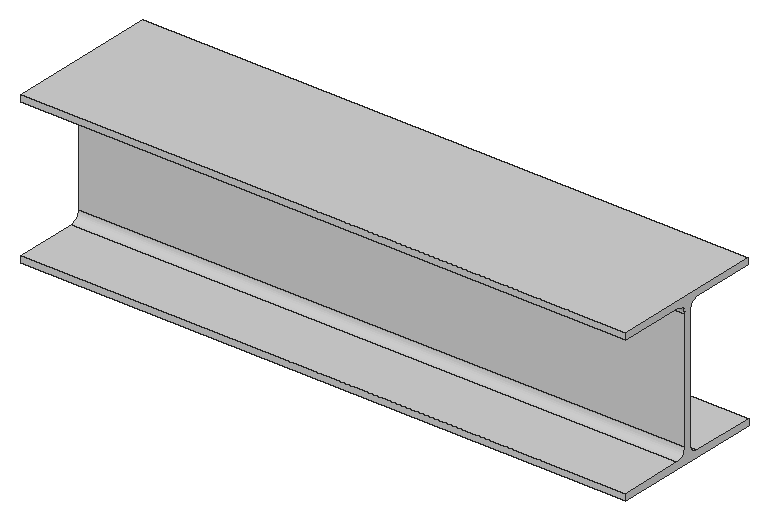
Revit family "7c652bbedae44a43bc3798c6f99ab2f3", category Structural Framing, Revit 2019
Family settings
  Structural Framing Length Roundoff = 0' - 0"
  Section Shape = Not Defined
  Material for Model Behavior = Steel
  Always export as geometry = No
  OmniClass Number = 23.25.30.11.14.14
  OmniClass Title = Beams
  Seek Item ID = HP-Bearing Pile-0000-USA-ENU
  Always vertical = Yes
  Cut with Voids When Loaded = No
  Symbolic Representation = From Project Settings
  Shared = No
  Show family pre-cut in plan views = Yes
Parameters (values of type "HP12X63")
  W = 63
  Structural Material [instance] = Steel ASTM A572
  Assembly Code = "B10"
  Length [instance] = 5' - 0"
  bf = 1' - 0 13/128"
  d = 0' - 11 241/256"
  k = 0' - 1 1/4"
  k2 = k - tf  # 0' - 0 47/64"
  tf = 0' - 0 33/64"
  tw = 0' - 0 33/64"
  A = 18.40 in²
Reference planes (in)
  plane 1 "Center (Front/Back)": y = 0
  plane 2: z = 0
  plane 3 "Center (Left/Right)": x = 0.1815
  plane 4 "Member Left": x = -23.8185
  plane 5 "Member Right": x = 24.1815
  plane 6: y = 6.05078
  plane 7: y = -6.05078
  plane 8 "Top": z = 5.9707
  plane 9: z = -5.9707
  plane 10 "Right": x = 30.1815
  plane 11 "Left": x = -29.8185
Forms (in)
  Sweep 1, solid, material "Steel ASTM A572" <- "Structural Material", detail levels fine
    path origin (0, 0, 0) x (1, 0, 0) y (0, 1, 0)
      loop
        line (24.1815, 0) -> (-23.8185, 0)
    profile "HP-Bearing Pile-Profile-Fine : HP-Bearing Pile-Profile-Fine" origin (0.1815, 0, 0) x (0, -1, 0) y (0, 0, 1)
      loop
        line (-6.05078, -5.9707) -> (6.05078, -5.9707) -> (6.05078, -5.45508) -> (0.99219, -5.45508)
        arc (0.99219, -5.45508) -> (0.47291, -5.23998) -> (0.25781, -4.7207) r 0.73438
        line (0.25781, -4.7207) -> (0.25781, 4.7207)
        arc (0.25781, 4.7207) -> (0.47291, 5.23998) -> (0.99219, 5.45508) r 0.73438
        line (0.99219, 5.45508) -> (6.05078, 5.45508) -> (6.05078, 5.9707) -> (-6.05078, 5.9707) -> (-6.05078, 5.45508) -> (-0.99219, 5.45508)
        arc (-0.99219, 5.45508) -> (-0.47291, 5.23998) -> (-0.25781, 4.7207) r 0.73438
        line (-0.25781, 4.7207) -> (-0.25781, -4.7207)
        arc (-0.25781, -4.7207) -> (-0.47291, -5.23998) -> (-0.99219, -5.45508) r 0.73438
        line (-0.99219, -5.45508) -> (-6.05078, -5.45508) -> (-6.05078, -5.9707)
  Sweep 2, solid, material "Steel ASTM A572" <- "Structural Material", detail levels medium
    path origin (0, 0, 0) x (1, 0, 0) y (0, 1, 0)
      loop
        line (24.1815, 0) -> (-23.8185, 0)
    profile "HP-Bearing Pile-Profile-Medium : HP-Bearing Pile-Profile-Medium" origin (0.1815, 0, 0) x (0, -1, 0) y (0, 0, 1)
      loop
        line (-6.05078, -5.9707) -> (6.05078, -5.9707) -> (6.05078, -5.45508) -> (0.25781, -5.45508) -> (0.25781, 5.45508) -> (6.05078, 5.45508) -> (6.05078, 5.9707) -> (-6.05078, 5.9707) -> (-6.05078, 5.45508) -> (-0.25781, 5.45508) -> (-0.25781, -5.45508) -> (-6.05078, -5.45508) -> (-6.05078, -5.9707)
Lines and regions (in)
  symbolic lines, style "Stick Symbols", detail levels coarse
    curve 1: line (0.1815, 6.05078, 5.9707) -> (0.1815, -6.05078, 5.9707)
    curve 2: line (0.1815, -6.05078, -5.9707) -> (0.1815, 6.05078, -5.9707)
    curve 3: line (0.1815, 0, -5.9707) -> (0.1815, 0, 5.9707)
  symbolic lines, style "Hidden Faces", detail levels medium+fine
    curve 4: line (24.1815, -0.25781, 0) -> (-23.8185, -0.25781, 0)
    curve 5: line (-23.8185, 0.25781, 0) -> (24.1815, 0.25781, 0)
Dimensions and locks (in)
  "bf": plane 6 to plane 7
  "d": plane 9 to plane 8 "Top"
  equal spacing: plane 9, plane 2, plane 8 "Top"
  equal spacing: plane 6, plane 1 "Center (Front/Back)", plane 7
  "Length": plane 11 "Left" to plane 10 "Right"
  "tw": curve 4 to curve 5
  equal spacing: curve 4, plane 1 "Center (Front/Back)", curve 5
  aligned and locked: Sweep 1 sketch curve to plane 1 "Center (Front/Back)"
  aligned and locked: Sweep 2 sketch curve to plane 1 "Center (Front/Back)"
  aligned and locked: Sweep 2 to curve 1
  aligned and locked: Sweep 2 to curve 2
  aligned and locked: curve 1 to Sweep 2  (x2)
  aligned and locked: curve 2 to Sweep 2  (x2)
  aligned and locked: plane 4 "Member Left" to Sweep 2 sketch curve
  aligned and locked: plane 5 "Member Right" to Sweep 2 sketch curve
  aligned and locked: plane 4 "Member Left" to Sweep 1 sketch curve
  aligned and locked: plane 5 "Member Right" to Sweep 1 sketch curve
  aligned and locked: plane 4 "Member Left" to curve 5
  aligned and locked: plane 4 "Member Left" to curve 4
  aligned and locked: plane 5 "Member Right" to curve 5
  aligned and locked: plane 5 "Member Right" to curve 4
Automatic sketch dimensions
  curve 3 to plane 1 "Center (Front/Back)" = 0' - 0"
